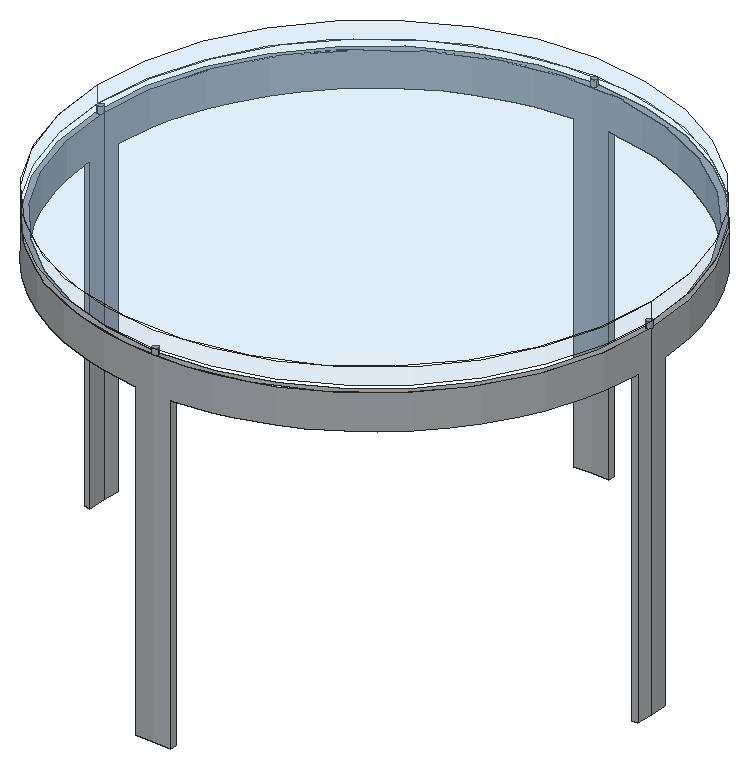
Revit family
Parameters
  URL = "http://www.martinbrattrud.com"
  Table Top [instance] = none
  SCS Certified Product = "Yes"
  Model = "Lundin 1006-24CL"
  Manufacturer = "Martin Brattrud, Inc."
  Leg [instance] = none
  Keynote = "125000"
  Copyright = "© 2013 Martin Brattrud, Inc."
  Authoring Version = "Revit Architecture 2010"
  Assembly Code = "E2020200"
Reference planes (in)
  plane 1 "Center Front/Back": y = 0
  plane 2: z = 0
  plane 3 "Center Left/Right": x = 0
  plane 4: z = 0
  plane 5: z = 16
Forms (in)
  Extrusion 1, solid, material <- "Leg"
    sketch origin (0, 0, 0) x (1, 0, 0) y (0, 1, 0)
      loop
        circle (0, 0) r 12
      loop
        circle (0, 0) r 11.75
    from 0 to 15
  Extrusion 2, void
    sketch origin (0, 0, 0) x (1, 0, 0) y (0, 1, 0)
      loop
        line (0.75, 11.97654) -> (0.75, 0.75) -> (11.97654, 0.75)
        arc (11.97654, 0.75) -> (8.48528, 8.48528) -> (0.75, 11.97654) r 12
      loop
        line (-0.75, -11.97654) -> (-0.75, -0.75) -> (-11.97654, -0.75)
        arc (-11.97654, -0.75) -> (-8.48528, -8.48528) -> (-0.75, -11.97654) r 12
      loop
        line (11.97654, -0.75) -> (0.75, -0.75) -> (0.75, -11.97654)
        arc (0.75, -11.97654) -> (8.48528, -8.48528) -> (11.97654, -0.75) r 12
      loop
        line (-11.97654, 0.75) -> (-0.75, 0.75) -> (-0.75, 11.97654)
        arc (-0.75, 11.97654) -> (-8.48528, 8.48528) -> (-11.97654, 0.75) r 12
    from 0 to 13.5
  Extrusion 3, solid, material <- "Leg"
    sketch origin (0, 0, -4) x (1, 0, 0) y (0, 1, 0)
      loop
        circle (0, 11.875) r 0.125
      loop
        circle (0, -11.875) r 0.125
      loop
        circle (-11.875, 0) r 0.125
      loop
        circle (11.875, 0) r 0.125
    from 19 to 19.25
  Extrusion 4, solid, material <- "Table Top"
    sketch origin (0, 0, -4) x (1, 0, 0) y (0, 1, 0)
      loop
        circle (0, 0) r 12
    from 19.25 to 20
Cuts and joins
  Extrusion 2 cuts Extrusion 1
